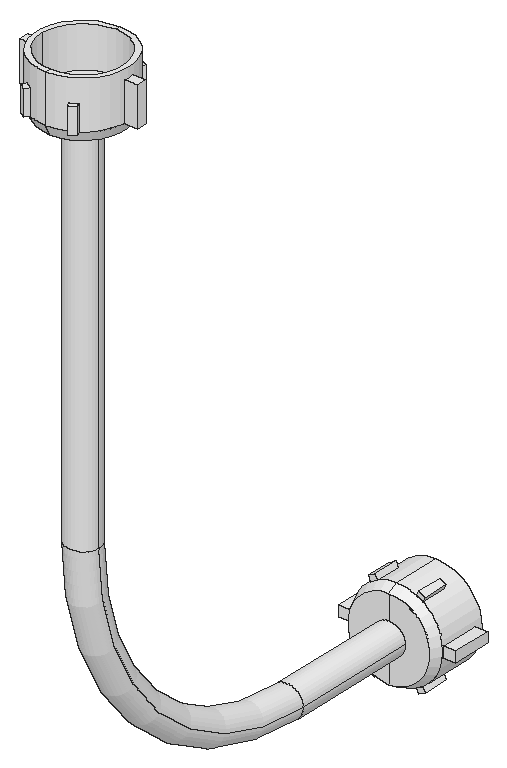
Revit family "ACOPLE_PLASTICO_380140001", category Pipe Accessories, Revit 2019
Family settings
  Round Connector Dimension = Use Diameter
  Part Type = Normal
  OmniClass Number = 23.27.43.00
  OmniClass Title = Pipe Fittings
  Work Plane-Based = No
  Always vertical = Yes
  Cut with Voids When Loaded = No
  Shared = No
Parameters
  Work Temperature = "4ºC - 71ºC (39,2ºF - 160ºF)."  # constant formula
  Warranty = "5 years"  # constant formula
  URL = "https://corona.co/productos/plomeria/regulaciones-y-acoples/griflex-para-lavamanos-o-lavaplatos-de-40cm/p/380140001"
  Radius = 100 mm
  Net Weight approx = "10gr. (0.0220  lb.)"  # constant formula
  Minimum pressure = "Presión mínima 20 Psi"  # constant formula
  Maximum working pressure (gauge) = "125 Psi"  # constant formula
  Material = Corona_Plastico_Blanco
  Intermittent impulse pressure (Life Cycle) = "100.000 Ciclos"  # constant formula
  Height = 250 mm
  Gross Weight approx = "14 gr. (0,0309 lb.)"  # constant formula
  Diameter = 12.7 mm
  Description = "Adquiere ahora el conector plástico de alta flexibilidad para lavamanos o lavaplatos, cuenta con acabados en blanco mate. Está fabricado en plástico flexible y hecho con los más altos estándares de calidad."  # constant formula
  Depth = 150 mm
  Date Created = "07/08/2019"  # constant formula
  Created by = "IDD"  # constant formula
Reference planes
  plane 1 "Center (Front/Back)": y = 0
  plane 2: z = 0
  plane 3 "Center (Left/Right)": x = 0
  plane 4: y = -150
  plane 5: z = 250
Forms (mm)
  Sweep 1, solid, material "Corona_Plastico_Blanco" <- "Material"
    path origin (0, 0, 0) x (0, 1, 0) y (0, 0, 1)
      loop
        line (-150, 250) -> (-150, 100)
        arc (-150, 100) -> (-120.711, 29.289) -> (-50, 0) r 100
        line (-50, 0) -> (0, 0)
    profile origin (0, -150, 175) x (1, 0, 0) y (0, 1, 0)
      loop
        circle (0, 0) r 6.35
Dimensions and locks
  "Height": plane 5 to plane 2
  "Depth": plane 1 "Center (Front/Back)" to plane 4
  "Radius": radius of Sweep 1 sketch curve
  "Diameter": diameter of Sweep 1 sketch curve
  aligned and locked: level to plane 2
  aligned and locked: plane 5 to Sweep 1 sketch curve
  aligned and locked: plane 1 "Center (Front/Back)" to Sweep 1 sketch curve
  aligned and locked: plane 2 to Sweep 1 sketch curve
  aligned and locked: Sweep 1 sketch curve to plane 4
  aligned and locked: plane 3 "Center (Left/Right)" to nested 1
  aligned and locked: plane 4 to nested 1
  aligned and locked: nested 1 to plane 5
  aligned and locked: plane 2 to nested 2
  aligned and locked: nested 2 to Sweep 1
  aligned and locked: plane 3 "Center (Left/Right)" to nested 2
Automatic sketch dimensions
  Sweep 1 sketch curve to plane 3 "Center (Left/Right)" = 0 mm
  profile plane to Sweep 1 sketch curve = 0 mm
Nested families
  nested 1: "Family3" at (0, -150, 250), type "Family3"
  nested 2: "Family4" at (0, 11.5, -11.5), type "Family4"
Connectors
  piping at (0, 6.61, 0), diameter 12.7, driven by "Diameter"
    settings: on nested 2, index 1, connector inside diameter 609.6 mm, connector length 0 mm, flow factor 0, pipe flow 0.0 L/s, pressure drop 0.0 Pa, fitting loss kfactor 0, connector angle 0.00°, fixture units 0, engagement length 0 mm, angle of deflection 0.00°, flow configuration 0, flow direction 0, fitting loss method 0, system type 20, joint type 0, gender type 0, connector reference index -1, connector utility 0, adjustable connector no, is connector primary yes, connector description ""
  piping at (0, -150, 256.61), diameter 12.7, driven by "Diameter"
    settings: on nested 1, index 2, connector inside diameter 609.6 mm, connector length 0 mm, flow factor 0, pipe flow 0.0 L/s, pressure drop 0.0 Pa, fitting loss kfactor 0, connector angle 0.00°, fixture units 0, engagement length 0 mm, angle of deflection 0.00°, flow configuration 0, flow direction 0, fitting loss method 0, system type 20, joint type 0, gender type 0, connector reference index -1, connector utility 0, adjustable connector no, is connector primary no, connector description ""
Definition of nested family "Family3"
  Parameters
    Material = none
  Reference planes
    plane 1 "Center (Front/Back)": y = 0
    plane 2: z = 0
    plane 3 "Center (Left/Right)": x = 0
  Forms (mm)
    Revolve 1, solid, material <- "Material"
      sketch origin (0, 0, 23) x (0, -1, 0) y (0, 0, -1)
        loop
          line (0, 0) -> (18, 0) -> (18, 19) -> (16.004, 23) -> (0, 23) -> (0, 0)
        axis (0, 0) -> (0, 23)
      angle from 0 to 360
    Extrusion 2, solid, material <- "Material"
      sketch origin (0, 0, -5) x (0, -1, 0) y (1, 0, 0)
        loop
          line (14.85, -10.172) -> (16.653, -11.195) -> (18.138, -8.58) -> (16.337, -7.557)
          arc (16.337, -7.557) -> (15.648, -8.896) -> (14.85, -10.172) r 18
        loop
          arc (14.85, 10.172) -> (15.648, 8.896) -> (16.337, 7.557) r 18
          line (16.337, 7.557) -> (18.138, 8.58) -> (16.653, 11.195) -> (14.85, 10.172)
        loop
          arc (-14.85, -10.172) -> (-15.648, -8.896) -> (-16.337, -7.557) r 18
          line (-16.337, -7.557) -> (-18.138, -8.58) -> (-16.653, -11.195) -> (-14.85, -10.172)
        loop
          line (-14.85, 10.172) -> (-16.653, 11.195) -> (-18.138, 8.58) -> (-16.337, 7.557)
          arc (-16.337, 7.557) -> (-15.648, 8.896) -> (-14.85, 10.172) r 18
      from 9 to 19
    Extrusion 3, solid, material <- "Material"
      sketch origin (0, 0, 0.5) x (0, -1, 0) y (1, 0, 0)
        loop
          line (1.978, -22.982) -> (1.978, -17.891)
          arc (1.978, -17.891) -> (0, -18) -> (-1.978, -17.891) r 18
          line (-1.978, -17.891) -> (-1.978, -22.982) -> (1.978, -22.982)
        loop
          line (1.978, 22.982) -> (-1.978, 22.982) -> (-1.978, 17.891)
          arc (-1.978, 17.891) -> (0, 18) -> (1.978, 17.891) r 18
          line (1.978, 17.891) -> (1.978, 22.982)
      from 3.481 to 19
    Extrusion 4, void
      sketch origin (0, 0, 0) x (1, 0, 0) y (0, 1, 0)
        loop
          circle (0, 0) r 16.004
      from 6.61 to 23
  Cuts and joins
    Extrusion 4 cuts Revolve 1
  Dimensions and locks
    aligned and locked: level to plane 2
    aligned and locked: Extrusion 2 to Revolve 1
Definition of nested family "Family4"
  Parameters
    Material = none
  Reference planes
    plane 1 "Center (Front/Back)": y = 0
    plane 2: z = 0
    plane 3 "Center (Left/Right)": x = 0
  Forms (mm)
    Revolve 1, solid, material <- "Material"
      sketch origin (0, 11.5, 11.5) x (0, 0, 1) y (0, -1, 0)
        loop
          line (0, 0) -> (18, 0) -> (18, 19) -> (16.004, 23) -> (0, 23) -> (0, 0)
        axis (0, 0) -> (0, 23)
      angle from 0 to 360
    Extrusion 2, void
      sketch origin (0, -11.5, 11.5) x (1, 0, 0) y (0, 0, -1)
        loop
          circle (0, 0) r 16.004
      from 6.61 to 23
    Extrusion 3, solid, material <- "Material"
      sketch origin (0, 2.5, 11.5) x (1, 0, 0) y (0, 0, 1)
        loop
          arc (-10.172, 14.85) -> (-8.896, 15.648) -> (-7.557, 16.337) r 18
          line (-7.557, 16.337) -> (-8.58, 18.138) -> (-11.195, 16.653) -> (-10.172, 14.85)
        loop
          line (10.172, 14.85) -> (11.195, 16.653) -> (8.58, 18.138) -> (7.557, 16.337)
          arc (7.557, 16.337) -> (8.896, 15.648) -> (10.172, 14.85) r 18
        loop
          line (-10.172, -14.85) -> (-11.195, -16.653) -> (-8.58, -18.138) -> (-7.557, -16.337)
          arc (-7.557, -16.337) -> (-8.896, -15.648) -> (-10.172, -14.85) r 18
        loop
          arc (10.172, -14.85) -> (8.896, -15.648) -> (7.557, -16.337) r 18
          line (7.557, -16.337) -> (8.58, -18.138) -> (11.195, -16.653) -> (10.172, -14.85)
      from 0 to 10
    Extrusion 4, solid, material <- "Material"
      sketch origin (0, 8, 11.5) x (1, 0, 0) y (0, 0, 1)
        loop
          line (-22.982, 1.978) -> (-22.982, -1.978) -> (-17.891, -1.978)
          arc (-17.891, -1.978) -> (-18, 0) -> (-17.891, 1.978) r 18
          line (-17.891, 1.978) -> (-22.982, 1.978)
        loop
          line (22.982, 1.978) -> (17.891, 1.978)
          arc (17.891, 1.978) -> (18, 0) -> (17.891, -1.978) r 18
          line (17.891, -1.978) -> (22.982, -1.978) -> (22.982, 1.978)
      from 0 to 15.5
  Cuts and joins
    Extrusion 2 cuts Revolve 1
  Dimensions and locks
    aligned and locked: level to plane 2
    aligned and locked: Extrusion 3 to cut or joined group of Revolve 1, Extrusion 2
